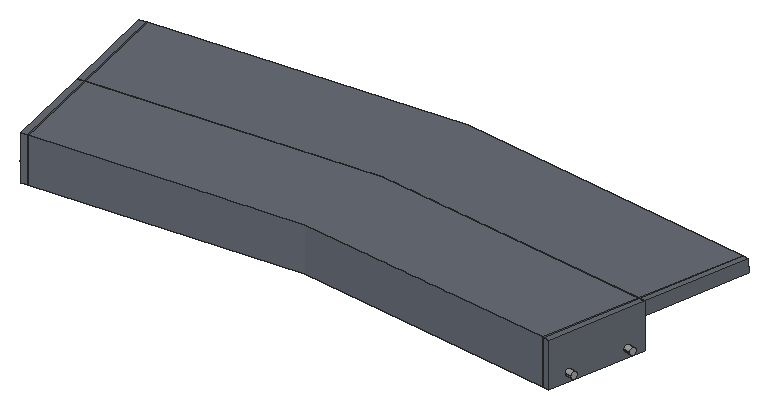
Revit family
Parameters (values of type "PL07 07 7/0")
  Width = 337.2 mm
  URL = "http://www.meinertz.com/pictures_org/prodk.pdf"
  Thermal Performance = Thermal Performance Constant * Length / 1000 mm  # 288.7631
  Thermal Performance Index = 7
  Tapping Depth = if(Tap Radius = 9.5 mm / 2, 13 mm, 17 mm)  # 13 mm
  Tap Radius = 9.5 mm / 2  # 4.75 mm
  Right Tap Visible = Count Grill Main > 3  # yes
  Not Flip Convector Side = not(Flip Convector Side)  # no
  Disable Tap 2 = and(Right Tap Visible, (Flip Convector Side))  # yes
  Disable Tap = and(Right Tap Visible, not(Flip Convector Side))  # no
  Actual Width 2 = if(Flip Convector Side, (Count Grill Side) * 24 mm + 13 mm, Count Grill Main * 24 mm)  # 181 mm
  Actual Width 1 = if(Flip Convector Side, Count Grill Main * 24 mm, (Count Grill Side) * 24 mm + 13 mm)  # 168 mm
  Actual Width = Actual Width 1 + Actual Width 2  # 349 mm
  R = ((K ^ 2) / (8 * H) + (H / 2))  # 2525 mm
  Outer Side Width = Width - Convector Width  # 169.2 mm
  Model = "PL07 07 7/0"
  Manufacturer = "Meinertz"  # constant formula
  Length = 2 * 3.14 * R * Alpha / Full Circle  # 1006.143 mm
  Keynote = "PL07 07 7/0"
  GoGetNo = 6946  # constant formula
  Full Circle = 360.00°  # constant formula
  Depth Outer = if(Flip Convector Side, 20 mm, 70 mm)  # 20 mm
  K = 1000 mm
  Inner rad = R - Actual Width  # 2176 mm
  H = 50 mm
  Grill = RAL 7024
  Frame = RAL 7024
  Depth Inside = if(Flip Convector Side, 70 mm, 20 mm)  # 70 mm
  Depth = 100 mm
  Count Grill Total = (Width - 13 mm) / 24 mm + 0.49  # 14
  Count Grill Side = Count Grill Total - Count Grill Main  # 7
  Count Grill Main = Convector Width / 24 mm  # 7
  Flip Convector Side = yes
  Convector Width = 168 mm
  Center Rad = Inner rad + Actual Width 1  # 2344 mm
  Thermal Performance Constant = if(Thermal Performance Index = 3, 145, if(Thermal Performance Index = 4, 191, if(Thermal Performance Index = 5, 231, if(Thermal Performance Index = 6, 262, if(Thermal Performance Index = 7, 287, if(Thermal Performance Index = 8, 317, if(Thermal Performance Index = 9, 339, if(Thermal Performance Index = 10, 359, if(Thermal Performance Index = 11, 382, if(Thermal Performance Index = 12, 404, if(Thermal Performance Index = 13, 424, 444)))))))))))  # 287
  Alpha = 2 * acos((R - H) / R)  # 22.8424°
Types (6, lengths in mm): name | Width | Thermal Performance | Thermal Performance Index | Right Tap Visible | Not Flip Convector Side | Disable Tap 2 | Disable Tap | Actual Width 2 | Actual Width 1 | Actual Width | Outer Side Width | Model | Keynote | Depth Outer | Inner rad | Depth Inside | Count Grill Total | Count Grill Side | Count Grill Main | Flip Convector Side | Convector Width | Center Rad | Thermal Performance Constant
  (no name) | 337.2 | 288.7631 | 7 | yes | no | yes | no | 181 | 168 | 349 | 169.2 | "PL07 07 7/0" | "PL07 07 7/0" | 20 | 2176 | 70 | 14 | 7 | 7 | yes | 168 | 2344 | 287
  PL07 03 5/0 | 193.2 | 145.8907 | 3 | no | yes | no | no | 72 | 133 | 205 | 121.2 | "PL07 03 5/0" | "PL07 03 5/0" | 70 | 2320 | 20 | 8 | 5 | 3 | no | 72 | 2453 | 145
  PL07 04 5/0 | 217.2 | 192.1733 | 4 | yes | yes | no | yes | 96 | 133 | 229 | 121.2 | "PL07 04 5/0" | "PL07 04 5/0" | 70 | 2296 | 20 | 9 | 5 | 4 | no | 96 | 2429 | 191
  PL07 05 5/0 | 241.2 | 232.419 | 5 | yes | yes | no | yes | 120 | 133 | 253 | 121.2 | "PL07 05 5/0" | "PL07 05 5/0" | 70 | 2272 | 20 | 10 | 5 | 5 | no | 120 | 2405 | 231
  PL07 06 6/0 | 289.2 | 263.6095 | 6 | yes | yes | no | yes | 144 | 157 | 301 | 145.2 | "PL07 06 6/0" | "PL07 06 6/0" | 70 | 2224 | 20 | 12 | 6 | 6 | no | 144 | 2381 | 262
  PL07 07 7/0 | 337.2 | 288.7631 | 7 | yes | no | yes | no | 181 | 168 | 349 | 169.2 | "PL07 07 7/0" | "PL07 07 7/0" | 20 | 2176 | 70 | 14 | 7 | 7 | yes | 168 | 2344 | 287
Reference planes
  plane 1 "Center (Front/Back)": y = 0
  plane 2: z = 0
  plane 3 "Center (Left/Right)": x = 50.803
  plane 4: x = 550.803
  plane 5: x = -449.197
  plane 6: y = 50
  plane 7: z = -100
  plane 8: y = -2475
  plane 9: z = -20
  plane 10: z = -70
Forms (mm)
  Extrusion 1, void
    sketch origin (0, 0, 0) x (1, 0, 0) y (0, 1, 0)
      loop
        line (-449.197, 0) -> (-380.088, -342.089)
        arc (-380.088, -342.089) -> (50.803, -299) -> (481.694, -342.089) r 2176
        line (481.694, -342.089) -> (550.803, 0)
        arc (550.803, 0) -> (50.803, 50) -> (-449.197, 0) r 2525
    from 0 to -100
  Extrusion 2, solid, material "RAL 7024" <- "Grill"
    sketch origin (0, 0, 0) x (1, 0, 0) y (0, 1, 0)
      loop
        line (-389.806, -172.784) -> (-359.111, -324.723)
        arc (-359.111, -324.723) -> (50.803, -286) -> (460.718, -324.723) r 2189
        line (460.718, -324.723) -> (491.412, -172.784)
        arc (491.412, -172.784) -> (50.803, -131) -> (-389.806, -172.784) r 2344
    from 0 to -70
  Extrusion 3, solid, material "RAL 7024" <- "Grill"
    sketch origin (0, 0, 0) x (1, 0, 0) y (0, 1, 0)
      loop
        line (-423.075, -8.102) -> (-389.806, -172.784)
        arc (-389.806, -172.784) -> (50.803, -131) -> (491.412, -172.784) r 2344
        line (491.412, -172.784) -> (524.681, -8.102)
        arc (524.681, -8.102) -> (50.803, 37) -> (-423.075, -8.102) r 2512
    from 0 to -20
  Extrusion 4, solid, material "RAL 7024" <- "Frame"
    sketch origin (0, 0, 0) x (1, 0, 0) y (0, 1, 0)
      loop
        line (-433.873, -10.201) -> (-400.606, -174.877)
        arc (-400.606, -174.877) -> (-395.207, -173.824) -> (-389.806, -172.784) r 2344
        line (-389.806, -172.784) -> (-423.075, -8.102)
        arc (-423.075, -8.102) -> (-428.476, -9.146) -> (-433.873, -10.201) r 2512
      loop
        arc (535.48, -10.201) -> (530.082, -9.146) -> (524.681, -8.102) r 2512
        line (524.681, -8.102) -> (491.412, -172.784)
        arc (491.412, -172.784) -> (496.813, -173.824) -> (502.212, -174.877) r 2344
        line (502.212, -174.877) -> (535.48, -10.201)
    from 0 to -20
  Extrusion 5, solid, material "RAL 7024" <- "Frame"
    sketch origin (0, 0, 0) x (1, 0, 0) y (0, 1, 0)
      loop
        arc (-369.912, -326.81) -> (-364.513, -325.76) -> (-359.111, -324.723) r 2189
        line (-359.111, -324.723) -> (-389.806, -172.784)
        arc (-389.806, -172.784) -> (-395.207, -173.824) -> (-400.606, -174.877) r 2344
        line (-400.606, -174.877) -> (-369.912, -326.81)
      loop
        arc (502.212, -174.877) -> (496.813, -173.824) -> (491.412, -172.784) r 2344
        line (491.412, -172.784) -> (460.718, -324.723)
        arc (460.718, -324.723) -> (466.119, -325.76) -> (471.518, -326.81) r 2189
        line (471.518, -326.81) -> (502.212, -174.877)
    from 0 to -70
  Extrusion 6, solid, material "Tap", visible <- "Not Flip Convector Side"
    sketch origin (502.212, -174.877, 0) x (-0.19802, -0.980198, 0) y (0, 0, -1)
      loop
        circle (-138, 55) r 4.75
    from 0 to 13
  Extrusion 7, solid, material "Tap", visible <- "Disable Tap"
    sketch origin (-400.606, -174.877, 0) x (0.19802, -0.980198, 0) y (0, 0, 1)
      loop
        circle (-30, -55) r 4.75
    from 0 to 13
  Extrusion 8, solid, material "Tap", visible <- "Not Flip Convector Side"
    sketch origin (-400.606, -174.877, 0) x (0.19802, -0.980198, 0) y (0, 0, 1)
      loop
        circle (-138.002, -55) r 4.75
    from 0 to 13
  Extrusion 9, solid, material "Tap", visible <- "Disable Tap"
    sketch origin (502.212, -174.877, 0) x (-0.19802, -0.980198, 0) y (0, 0, -1)
      loop
        circle (-30, 55) r 4.75
    from 0 to 13
  Extrusion 10, solid, material "Tap", visible <- "Flip Convector Side"
    sketch origin (502.212, -174.877, 0) x (-0.19802, -0.980198, 0) y (0, 0, -1)
      loop
        circle (125.003, 55) r 4.75
    from 0 to 13
  Extrusion 11, solid, material "Tap", visible <- "Disable Tap 2"
    sketch origin (502.212, -174.877, 0) x (-0.19802, -0.980198, 0) y (0, 0, -1)
      loop
        circle (30.087, 55) r 4.75
    from 0 to 13
  Extrusion 12, solid, material "Tap", visible <- "Flip Convector Side"
    sketch origin (-400.606, -174.877, 0) x (0.19802, -0.980198, 0) y (0, 0, 1)
      loop
        circle (125.003, -55) r 4.75
    from 0 to 13
  Extrusion 13, solid, material "Tap", visible <- "Disable Tap 2"
    sketch origin (-400.606, -174.877, 0) x (0.19802, -0.980198, 0) y (0, 0, 1)
      loop
        circle (29.131, -55) r 4.75
    from 0 to 13
Lines and regions (mm)
  reference lines
    curve 1: arc (-449.197, 0, 0) -> (50.803, 50, 0) -> (550.803, 0, 0) r 2525
    curve 2: arc (-380.088, -342.089, 0) -> (50.803, -299, 0) -> (481.694, -342.089, 0) r 2176
    curve 3: line (-449.197, 0, 0) -> (50.803, -2475, 0)
    curve 4: line (550.803, 0, 0) -> (50.803, -2475, 0)
    curve 5: line (-436.448, 2.541, 0) -> (63.592, -2472.656, 0)
    curve 6: line (-425.65, 4.641, 0) -> (74.414, -2470.672, 0)
    curve 7: line (538.054, 2.541, 0) -> (38.014, -2472.656, 0)
    curve 8: line (527.256, 4.641, 0) -> (27.193, -2470.672, 0)
    curve 9: arc (-382.662, -329.347, 0) -> (50.803, -286, 0) -> (484.268, -329.347, 0) r 2189
    curve 10: arc (-446.623, -12.743, 0) -> (50.803, 37, 0) -> (548.229, -12.743, 0) r 2512
    curve 11: arc (-444.444, -23.525, 0) -> (50.803, 26, 0) -> (546.051, -23.525, 0) r 2501
    curve 12: arc (-384.841, -318.564, 0) -> (50.803, -275, 0) -> (486.447, -318.564, 0) r 2200
    curve 13: arc (-413.355, -177.416, 0) -> (50.803, -131, 0) -> (514.961, -177.416, 0) r 2344
Dimensions and locks
  equal spacing: plane 5, plane 3 "Center (Left/Right)", plane 4
  "K": plane 5 to plane 4
  "H": plane 1 "Center (Front/Back)" to plane 6
  "Depth": plane 2 to plane 7
  "R": plane 6 to plane 8
  locked: curve 3 to curve 5 at 13  (x2)
  locked: curve 3 to curve 6 at 24  (x2)
  curve 8 to curve 7 to curve 4 = 11 mm locked, 13 mm locked  (x2)
  locked: curve 2 to curve 9 at 13
  locked: curve 10 to curve 1 at 13  (x2)
  locked: curve 1 to curve 11 at 24  (x2)
  locked: curve 2 to curve 12 at 24  (x2)
  "Depth Outer": plane 2 to plane 9
  "Depth Inside": plane 2 to plane 10
  locked: Extrusion 5 to Extrusion 6 sketch curve at 55
  locked: Extrusion 5 to Extrusion 9 sketch curve at 55
  locked: Extrusion 5 to Extrusion 7 sketch curve at 55
  locked: Extrusion 4 to Extrusion 8 sketch curve at 55
  locked: Extrusion 4 to Extrusion 8 sketch curve at 30
  Extrusion 7 sketch curve to Extrusion 4 = 30 mm
  locked: Extrusion 6 sketch curve to Extrusion 4 at 30.002
  locked: Extrusion 4 to Extrusion 9 sketch curve at 30
  locked: Extrusion 5 to Extrusion 10 sketch curve at 55
  locked: Extrusion 5 to Extrusion 10 sketch curve at 30
  locked: Extrusion 11 sketch curve to Extrusion 5 at 30
  locked: Extrusion 5 to Extrusion 11 sketch curve at 55
  locked: Extrusion 12 sketch curve to Extrusion 5 at 30
  locked: Extrusion 5 to Extrusion 12 sketch curve at 55
  locked: Extrusion 5 to Extrusion 13 sketch curve at 55
  "R": radius of curve 1
  "Inner rad": radius of curve 2
  "Center Rad": radius of curve 13
  "Tap Radius": radius of Extrusion 8 sketch curve
  "Tap Radius": radius of Extrusion 7 sketch curve
  "Tap Radius": radius of Extrusion 13 sketch curve
  "Tap Radius": radius of Extrusion 12 sketch curve
  "Tap Radius": radius of Extrusion 10 sketch curve
  "Tap Radius": radius of Extrusion 11 sketch curve
  "Tap Radius": radius of Extrusion 9 sketch curve
  "Tap Radius": radius of Extrusion 6 sketch curve
  aligned and locked: Extrusion 1 sketch curve to curve 1
  aligned and locked: Extrusion 1 sketch curve to curve 2
  aligned and locked: Extrusion 1 sketch curve to curve 3
  aligned and locked: Extrusion 1 sketch curve to curve 4
  aligned and locked: Extrusion 1 to plane 7
  aligned and locked: plane 2 to Extrusion 1
  aligned and locked: Extrusion 2 sketch curve to curve 13
  aligned and locked: curve 6 to Extrusion 2 sketch curve
  aligned and locked: curve 8 to Extrusion 2 sketch curve
  aligned and locked: curve 6 to Extrusion 3 sketch curve
  aligned and locked: Extrusion 3 sketch curve to Extrusion 2
  aligned and locked: curve 8 to Extrusion 3 sketch curve
  aligned and locked: curve 5 to Extrusion 4 sketch curve
  aligned and locked: Extrusion 4 sketch curve to curve 10  (x2)
  aligned and locked: curve 7 to Extrusion 4 sketch curve
  aligned and locked: curve 8 to Extrusion 4 sketch curve
  aligned and locked: Extrusion 4 sketch curve to Extrusion 3  (x2)
  aligned and locked: Extrusion 4 sketch curve to curve 13
  aligned and locked: plane 9 to Extrusion 4
  aligned and locked: plane 9 to Extrusion 3
  aligned and locked: plane 10 to Extrusion 5
  aligned and locked: plane 10 to Extrusion 2
  aligned and locked: Extrusion 5 sketch curve to curve 9  (x2)
  aligned and locked: curve 6 to Extrusion 5 sketch curve
  aligned and locked: curve 5 to Extrusion 5 sketch curve
  aligned and locked: Extrusion 5 sketch curve to curve 13  (x2)
  aligned and locked: Extrusion 5 sketch curve to curve 8
  aligned and locked: curve 7 to Extrusion 5 sketch curve
  aligned and locked: Extrusion 3 sketch curve to curve 10
  aligned and locked: Extrusion 2 sketch curve to curve 9
Automatic sketch dimensions
  curve 1 to curve 2 = 0 mm  (x2)
  curve 1 to curve 9 = 0 mm
  curve 1 to curve 10 = 0 mm
  curve 1 to curve 11 = 0 mm
  curve 1 to curve 13 = 0 mm
  curve 2 to curve 9 = 0 mm
  curve 9 to curve 13 = 0 mm
  curve 12 to curve 13 = 0 mm
  curve 1 to plane 1 "Center (Front/Back)" = 0 mm  (x2)
  curve 1 to plane 5 = 0 mm
  curve 13 to plane 3 "Center (Left/Right)" = 0 mm
  curve 4 to plane 3 "Center (Left/Right)" = 0 mm
  curve 3 to plane 8 = 0 mm
  curve 8 to plane 8 = 4.328 mm
  curve 7 to plane 8 = 2.344 mm
  curve 5 to plane 8 = 2.344 mm
  curve 6 to plane 8 = 4.328 mm
  Extrusion 5 to Extrusion 13 sketch curve = 29.131 mm
Connectors
  piping at (-419.289, -148.045, -55), driven by "Tap Radius"
    settings: on Extrusion 7, index 2, connector radius 4.75 mm, flow factor 0, pipe flow 0.0 L/s, pressure drop 0.0 Pa, fitting loss kfactor 0, connector angle 0.00°, fixture units 0, flow configuration 1, flow direction 2, fitting loss method 0, system type 22, connector reference index -1, connector utility 0, adjustable connector no, is connector primary yes, fitting loss table "", connector description ""
  piping at (542.281, -42.184, -55)
    settings: on Extrusion 6, index 3, connector radius 4.8 mm, flow factor 0, pipe flow 0.0 L/s, pressure drop 0.0 Pa, fitting loss kfactor 0, connector angle 0.00°, fixture units 0, flow configuration 1, flow direction 1, fitting loss method 0, system type 22, connector reference index -1, connector utility 0, adjustable connector no, is connector primary no, fitting loss table "", connector description ""
  piping at (542.281, -42.184, -55), driven by "Tap Radius"
    settings: on Extrusion 6, index 4, connector radius 4.75 mm, flow factor 0, pipe flow 0.0 L/s, pressure drop 0.0 Pa, fitting loss kfactor 0, connector angle 0.00°, fixture units 0, flow configuration 1, flow direction 2, fitting loss method 0, system type 22, connector reference index -1, connector utility 0, adjustable connector no, is connector primary no, fitting loss table "", connector description ""
  piping at (-440.675, -42.181, -55), driven by "Tap Radius"
    settings: on Extrusion 8, index 5, connector radius 4.75 mm, flow factor 0, pipe flow 0.0 L/s, pressure drop 0.0 Pa, fitting loss kfactor 0, connector angle 0.00°, fixture units 0, flow configuration 1, flow direction 1, fitting loss method 0, system type 22, connector reference index -1, connector utility 0, adjustable connector no, is connector primary no, fitting loss table "", connector description ""
  piping at (520.895, -148.045, -55), driven by "Tap Radius"
    settings: on Extrusion 9, index 6, connector radius 4.75 mm, flow factor 0, pipe flow 0.0 L/s, pressure drop 0.0 Pa, fitting loss kfactor 0, connector angle 0.00°, fixture units 0, flow configuration 1, flow direction 1, fitting loss method 0, system type 22, connector reference index -1, connector utility 0, adjustable connector no, is connector primary no, fitting loss table "", connector description ""
  piping at (-407.58, -206.005, -55), driven by "Tap Radius"
    settings: on Extrusion 13, index 7, connector radius 4.75 mm, flow factor 0, pipe flow 0.0 L/s, pressure drop 0.0 Pa, fitting loss kfactor 0, connector angle 0.00°, fixture units 0, flow configuration 1, flow direction 1, fitting loss method 0, system type 22, connector reference index -1, connector utility 0, adjustable connector no, is connector primary no, fitting loss table "", connector description ""
  piping at (-388.595, -299.978, -55), driven by "Tap Radius"
    settings: on Extrusion 12, index 8, connector radius 4.75 mm, flow factor 0, pipe flow 0.0 L/s, pressure drop 0.0 Pa, fitting loss kfactor 0, connector angle 0.00°, fixture units 0, flow configuration 1, flow direction 2, fitting loss method 0, system type 22, connector reference index -1, connector utility 0, adjustable connector no, is connector primary no, fitting loss table "", connector description ""
  piping at (490.201, -299.978, -55), driven by "Tap Radius"
    settings: on Extrusion 10, index 9, connector radius 4.75 mm, flow factor 0, pipe flow 0.0 L/s, pressure drop 0.0 Pa, fitting loss kfactor 0, connector angle 0.00°, fixture units 0, flow configuration 1, flow direction 1, fitting loss method 0, system type 22, connector reference index -1, connector utility 0, adjustable connector no, is connector primary no, fitting loss table "", connector description ""
  piping at (508.997, -206.942, -55), driven by "Tap Radius"
    settings: on Extrusion 11, index 10, connector radius 4.75 mm, flow factor 0, pipe flow 0.0 L/s, pressure drop 0.0 Pa, fitting loss kfactor 0, connector angle 0.00°, fixture units 0, flow configuration 1, flow direction 2, fitting loss method 0, system type 22, connector reference index -1, connector utility 0, adjustable connector no, is connector primary no, fitting loss table "", connector description ""
